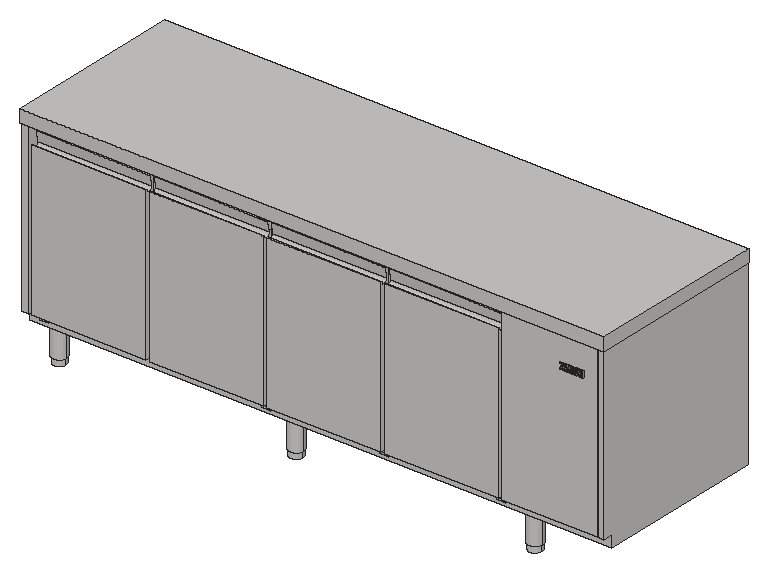
Revit family "QF_ZANUSSI_111056_ZH4HDAAAA", category Specialty Equipment, Revit 2018 (continued)
Definition of nested family "ZAN_Cooling Unit"
  Lines and regions (mm)
    Split face 128
      outline origin (55.016, 2, -281.14) x (0, 0, 1) y (-1, 0, 0)
        loop
          arc (502.647, 116.535) -> (506.648, 112.533) -> (510.649, 116.535) r 4.001
          line (510.649, 116.535) -> (510.649, 158.547)
    Split face 129
      outline origin (55.016, 2, -293.144) x (0, 0, 1) y (-1, 0, 0)
        loop
          arc (510.649, 158.547) -> (506.648, 162.548) -> (502.647, 158.547) r 4.001
          line (502.647, 158.547) -> (502.647, 116.535)
          arc (502.647, 116.535) -> (506.648, 112.533) -> (510.649, 116.535) r 4.001
          line (510.649, 116.535) -> (510.649, 158.547)
    Split face 130
      outline origin (110.032, 2, -113.091) x (0, 0, 1) y (-1, 0, 0)
        loop
          arc (510.649, 158.547) -> (506.648, 162.548) -> (502.647, 158.547) r 4.001
          line (502.647, 158.547) -> (502.647, 116.535)
          arc (502.647, 116.535) -> (506.648, 112.533) -> (510.649, 116.535) r 4.001
          line (510.649, 116.535) -> (510.649, 158.547)
    Split face 131
      outline origin (110.032, 2, -125.094) x (0, 0, 1) y (-1, 0, 0)
        loop
          arc (510.649, 158.547) -> (506.648, 162.548) -> (502.647, 158.547) r 4.001
          line (502.647, 158.547) -> (502.647, 116.535)
          arc (502.647, 116.535) -> (506.648, 112.533) -> (510.649, 116.535) r 4.001
          line (510.649, 116.535) -> (510.649, 158.547)
    Split face 132
      outline origin (110.032, 2, -137.098) x (0, 0, 1) y (-1, 0, 0)
        loop
          arc (510.649, 158.547) -> (506.648, 162.548) -> (502.647, 158.547) r 4.001
          line (502.647, 158.547) -> (502.647, 116.535)
          arc (502.647, 116.535) -> (506.648, 112.533) -> (510.649, 116.535) r 4.001
          line (510.649, 116.535) -> (510.649, 158.547)
    Split face 133
      outline origin (110.032, 2, -149.101) x (0, 0, 1) y (-1, 0, 0)
        loop
          arc (510.649, 158.547) -> (506.648, 162.548) -> (502.647, 158.547) r 4.001
          line (502.647, 158.547) -> (502.647, 116.535)
          arc (502.647, 116.535) -> (506.648, 112.533) -> (510.649, 116.535) r 4.001
          line (510.649, 116.535) -> (510.649, 158.547)
    Split face 134
      outline origin (110.032, 2, -161.105) x (0, 0, 1) y (-1, 0, 0)
        loop
          arc (510.649, 158.547) -> (506.648, 162.548) -> (502.647, 158.547) r 4.001
          line (502.647, 158.547) -> (502.647, 116.535)
          arc (502.647, 116.535) -> (506.648, 112.533) -> (510.649, 116.535) r 4.001
          line (510.649, 116.535) -> (510.649, 158.547)
    Split face 135
      outline origin (110.032, 2, -173.108) x (0, 0, 1) y (-1, 0, 0)
        loop
          arc (510.649, 158.547) -> (506.648, 162.548) -> (502.647, 158.547) r 4.001
          line (502.647, 158.547) -> (502.647, 116.535)
          arc (502.647, 116.535) -> (506.648, 112.533) -> (510.649, 116.535) r 4.001
          line (510.649, 116.535) -> (510.649, 158.547)
    Split face 136
      outline origin (110.032, 2, -185.112) x (0, 0, 1) y (-1, 0, 0)
        loop
          arc (510.649, 158.547) -> (506.648, 162.548) -> (502.647, 158.547) r 4.001
          line (502.647, 158.547) -> (502.647, 116.535)
          arc (502.647, 116.535) -> (506.648, 112.533) -> (510.649, 116.535) r 4.001
          line (510.649, 116.535) -> (510.649, 158.547)
    Split face 137
      outline origin (110.032, 2, -197.115) x (0, 0, 1) y (-1, 0, 0)
        loop
          arc (510.649, 158.547) -> (506.648, 162.548) -> (502.647, 158.547) r 4.001
          line (502.647, 158.547) -> (502.647, 116.535)
          arc (502.647, 116.535) -> (506.648, 112.533) -> (510.649, 116.535) r 4.001
          line (510.649, 116.535) -> (510.649, 158.547)
    Split face 138
      outline origin (110.032, 2, -209.119) x (0, 0, 1) y (-1, 0, 0)
        loop
          arc (510.649, 158.547) -> (506.648, 162.548) -> (502.647, 158.547) r 4.001
          line (502.647, 158.547) -> (502.647, 116.535)
          arc (502.647, 116.535) -> (506.648, 112.533) -> (510.649, 116.535) r 4.001
          line (510.649, 116.535) -> (510.649, 158.547)
    Split face 139
      outline origin (110.032, 2, -221.122) x (0, 0, 1) y (-1, 0, 0)
        loop
          arc (510.649, 158.547) -> (506.648, 162.548) -> (502.647, 158.547) r 4.001
          line (502.647, 158.547) -> (502.647, 116.535)
          arc (502.647, 116.535) -> (506.648, 112.533) -> (510.649, 116.535) r 4.001
          line (510.649, 116.535) -> (510.649, 158.547)
    Split face 140
      outline origin (110.032, 2, -233.126) x (0, 0, 1) y (-1, 0, 0)
        loop
          arc (510.649, 158.547) -> (506.648, 162.548) -> (502.647, 158.547) r 4.001
          line (502.647, 158.547) -> (502.647, 116.535)
          arc (502.647, 116.535) -> (506.648, 112.533) -> (510.649, 116.535) r 4.001
          line (510.649, 116.535) -> (510.649, 158.547)
    Split face 141
      outline origin (110.032, 2, -245.129) x (0, 0, 1) y (-1, 0, 0)
        loop
          arc (510.649, 158.547) -> (506.648, 162.548) -> (502.647, 158.547) r 4.001
          line (502.647, 158.547) -> (502.647, 116.535)
          arc (502.647, 116.535) -> (506.648, 112.533) -> (510.649, 116.535) r 4.001
          line (510.649, 116.535) -> (510.649, 158.547)
    Split face 142
      outline origin (110.032, 2, -257.133) x (0, 0, 1) y (-1, 0, 0)
        loop
          arc (510.649, 158.547) -> (506.648, 162.548) -> (502.647, 158.547) r 4.001
          line (502.647, 158.547) -> (502.647, 116.535)
          arc (502.647, 116.535) -> (506.648, 112.533) -> (510.649, 116.535) r 4.001
          line (510.649, 116.535) -> (510.649, 158.547)
    Split face 143
      outline origin (110.032, 2, -269.136) x (0, 0, 1) y (-1, 0, 0)
        loop
          arc (510.649, 158.547) -> (506.648, 162.548) -> (502.647, 158.547) r 4.001
          line (502.647, 158.547) -> (502.647, 116.535)
          arc (502.647, 116.535) -> (506.648, 112.533) -> (510.649, 116.535) r 4.001
          line (510.649, 116.535) -> (510.649, 158.547)
    Split face 144
      outline origin (110.032, 2, -281.14) x (0, 0, 1) y (-1, 0, 0)
        loop
          arc (510.649, 158.547) -> (506.648, 162.548) -> (502.647, 158.547) r 4.001
          line (502.647, 158.547) -> (502.647, 116.535)
          arc (502.647, 116.535) -> (506.648, 112.533) -> (510.649, 116.535) r 4.001
          line (510.649, 116.535) -> (510.649, 158.547)
    Split face 145
      outline origin (110.032, 2, -293.144) x (0, 0, 1) y (-1, 0, 0)
        loop
          arc (510.649, 158.547) -> (506.648, 162.548) -> (502.647, 158.547) r 4.001
          line (502.647, 158.547) -> (502.647, 116.535)
          arc (502.647, 116.535) -> (506.648, 112.533) -> (510.649, 116.535) r 4.001
          line (510.649, 116.535) -> (510.649, 158.547)
    Split face 146
      outline origin (165.048, 2, -113.091) x (0, 0, 1) y (-1, 0, 0)
        loop
          arc (510.649, 158.547) -> (506.648, 162.548) -> (502.647, 158.547) r 4.001
          line (502.647, 158.547) -> (502.647, 116.535)
          arc (502.647, 116.535) -> (506.648, 112.533) -> (510.649, 116.535) r 4.001
          line (510.649, 116.535) -> (510.649, 158.547)
    Split face 147
      outline origin (165.048, 2, -125.094) x (0, 0, 1) y (-1, 0, 0)
        loop
          arc (510.649, 158.547) -> (506.648, 162.548) -> (502.647, 158.547) r 4.001
          line (502.647, 158.547) -> (502.647, 116.535)
          arc (502.647, 116.535) -> (506.648, 112.533) -> (510.649, 116.535) r 4.001
          line (510.649, 116.535) -> (510.649, 158.547)
    Split face 148
      outline origin (165.048, 2, -137.098) x (0, 0, 1) y (-1, 0, 0)
        loop
          arc (510.649, 158.547) -> (506.648, 162.548) -> (502.647, 158.547) r 4.001
          line (502.647, 158.547) -> (502.647, 116.535)
          arc (502.647, 116.535) -> (506.648, 112.533) -> (510.649, 116.535) r 4.001
          line (510.649, 116.535) -> (510.649, 158.547)
    Split face 149
      outline origin (165.048, 2, -149.101) x (0, 0, 1) y (-1, 0, 0)
        loop
          arc (510.649, 158.547) -> (506.648, 162.548) -> (502.647, 158.547) r 4.001
          line (502.647, 158.547) -> (502.647, 116.535)
          arc (502.647, 116.535) -> (506.648, 112.533) -> (510.649, 116.535) r 4.001
          line (510.649, 116.535) -> (510.649, 158.547)
    Split face 150
      outline origin (165.048, 2, -161.105) x (0, 0, 1) y (-1, 0, 0)
        loop
          arc (510.649, 158.547) -> (506.648, 162.548) -> (502.647, 158.547) r 4.001
          line (502.647, 158.547) -> (502.647, 116.535)
          arc (502.647, 116.535) -> (506.648, 112.533) -> (510.649, 116.535) r 4.001
          line (510.649, 116.535) -> (510.649, 158.547)
    Split face 151
      outline origin (165.048, 2, -173.108) x (0, 0, 1) y (-1, 0, 0)
        loop
          arc (510.649, 158.547) -> (506.648, 162.548) -> (502.647, 158.547) r 4.001
          line (502.647, 158.547) -> (502.647, 116.535)
          arc (502.647, 116.535) -> (506.648, 112.533) -> (510.649, 116.535) r 4.001
          line (510.649, 116.535) -> (510.649, 158.547)
    Split face 152
      outline origin (165.048, 2, -185.112) x (0, 0, 1) y (-1, 0, 0)
        loop
          arc (510.649, 158.547) -> (506.648, 162.548) -> (502.647, 158.547) r 4.001
          line (502.647, 158.547) -> (502.647, 116.535)
          arc (502.647, 116.535) -> (506.648, 112.533) -> (510.649, 116.535) r 4.001
          line (510.649, 116.535) -> (510.649, 158.547)
    Split face 153
      outline origin (165.048, 2, -197.115) x (0, 0, 1) y (-1, 0, 0)
        loop
          arc (510.649, 158.547) -> (506.648, 162.548) -> (502.647, 158.547) r 4.001
          line (502.647, 158.547) -> (502.647, 116.535)
          arc (502.647, 116.535) -> (506.648, 112.533) -> (510.649, 116.535) r 4.001
          line (510.649, 116.535) -> (510.649, 158.547)
    Split face 154
      outline origin (165.048, 2, -209.119) x (0, 0, 1) y (-1, 0, 0)
        loop
          arc (510.649, 158.547) -> (506.648, 162.548) -> (502.647, 158.547) r 4.001
          line (502.647, 158.547) -> (502.647, 116.535)
          arc (502.647, 116.535) -> (506.648, 112.533) -> (510.649, 116.535) r 4.001
          line (510.649, 116.535) -> (510.649, 158.547)
    Split face 155
      outline origin (165.048, 2, -221.122) x (0, 0, 1) y (-1, 0, 0)
        loop
          arc (510.649, 158.547) -> (506.648, 162.548) -> (502.647, 158.547) r 4.001
          line (502.647, 158.547) -> (502.647, 116.535)
          arc (502.647, 116.535) -> (506.648, 112.533) -> (510.649, 116.535) r 4.001
          line (510.649, 116.535) -> (510.649, 158.547)
    Split face 156
      outline origin (165.048, 2, -233.126) x (0, 0, 1) y (-1, 0, 0)
        loop
          arc (510.649, 158.547) -> (506.648, 162.548) -> (502.647, 158.547) r 4.001
          line (502.647, 158.547) -> (502.647, 116.535)
          arc (502.647, 116.535) -> (506.648, 112.533) -> (510.649, 116.535) r 4.001
          line (510.649, 116.535) -> (510.649, 158.547)
    Split face 157
      outline origin (165.048, 2, -245.129) x (0, 0, 1) y (-1, 0, 0)
        loop
          arc (510.649, 158.547) -> (506.648, 162.548) -> (502.647, 158.547) r 4.001
          line (502.647, 158.547) -> (502.647, 116.535)
          arc (502.647, 116.535) -> (506.648, 112.533) -> (510.649, 116.535) r 4.001
          line (510.649, 116.535) -> (510.649, 158.547)
    Split face 158
      outline origin (165.048, 2, -257.133) x (0, 0, 1) y (-1, 0, 0)
        loop
          arc (510.649, 158.547) -> (506.648, 162.548) -> (502.647, 158.547) r 4.001
          line (502.647, 158.547) -> (502.647, 116.535)
          arc (502.647, 116.535) -> (506.648, 112.533) -> (510.649, 116.535) r 4.001
          line (510.649, 116.535) -> (510.649, 158.547)
    Split face 159
      outline origin (165.048, 2, -269.136) x (0, 0, 1) y (-1, 0, 0)
        loop
          arc (510.649, 158.547) -> (506.648, 162.548) -> (502.647, 158.547) r 4.001
          line (502.647, 158.547) -> (502.647, 116.535)
          arc (502.647, 116.535) -> (506.648, 112.533) -> (510.649, 116.535) r 4.001
          line (510.649, 116.535) -> (510.649, 158.547)
    Split face 160
      outline origin (165.048, 2, -281.14) x (0, 0, 1) y (-1, 0, 0)
        loop
          arc (510.649, 158.547) -> (506.648, 162.548) -> (502.647, 158.547) r 4.001
          line (502.647, 158.547) -> (502.647, 116.535)
          arc (502.647, 116.535) -> (506.648, 112.533) -> (510.649, 116.535) r 4.001
          line (510.649, 116.535) -> (510.649, 158.547)
    Split face 161
      outline origin (165.048, 2, -293.144) x (0, 0, 1) y (-1, 0, 0)
        loop
          arc (510.649, 158.547) -> (506.648, 162.548) -> (502.647, 158.547) r 4.001
          line (502.647, 158.547) -> (502.647, 116.535)
          arc (502.647, 116.535) -> (506.648, 112.533) -> (510.649, 116.535) r 4.001
          line (510.649, 116.535) -> (510.649, 158.547)
    Split face 162
      outline origin (220.064, 2, -113.091) x (0, 0, 1) y (-1, 0, 0)
        loop
          arc (510.649, 158.547) -> (506.648, 162.548) -> (502.647, 158.547) r 4.001
          line (502.647, 158.547) -> (502.647, 116.535)
          arc (502.647, 116.535) -> (506.648, 112.533) -> (510.649, 116.535) r 4.001
          line (510.649, 116.535) -> (510.649, 158.547)
    Split face 163
      outline origin (220.064, 2, -125.094) x (0, 0, 1) y (-1, 0, 0)
        loop
          arc (510.649, 158.547) -> (506.648, 162.548) -> (502.647, 158.547) r 4.001
          line (502.647, 158.547) -> (502.647, 116.535)
          arc (502.647, 116.535) -> (506.648, 112.533) -> (510.649, 116.535) r 4.001
          line (510.649, 116.535) -> (510.649, 158.547)
    Split face 164
      outline origin (220.064, 2, -137.098) x (0, 0, 1) y (-1, 0, 0)
        loop
          arc (510.649, 158.547) -> (506.648, 162.548) -> (502.647, 158.547) r 4.001
          line (502.647, 158.547) -> (502.647, 116.535)
          arc (502.647, 116.535) -> (506.648, 112.533) -> (510.649, 116.535) r 4.001
          line (510.649, 116.535) -> (510.649, 158.547)
    Split face 165
      outline origin (220.064, 2, -149.101) x (0, 0, 1) y (-1, 0, 0)
        loop
          arc (510.649, 158.547) -> (506.648, 162.548) -> (502.647, 158.547) r 4.001
          line (502.647, 158.547) -> (502.647, 116.535)
          arc (502.647, 116.535) -> (506.648, 112.533) -> (510.649, 116.535) r 4.001
          line (510.649, 116.535) -> (510.649, 158.547)
    Split face 166
      outline origin (220.064, 2, -161.105) x (0, 0, 1) y (-1, 0, 0)
        loop
          arc (510.649, 158.547) -> (506.648, 162.548) -> (502.647, 158.547) r 4.001
          line (502.647, 158.547) -> (502.647, 116.535)
          arc (502.647, 116.535) -> (506.648, 112.533) -> (510.649, 116.535) r 4.001
          line (510.649, 116.535) -> (510.649, 158.547)
    Split face 167
      outline origin (220.064, 2, -173.108) x (0, 0, 1) y (-1, 0, 0)
        loop
          arc (510.649, 158.547) -> (506.648, 162.548) -> (502.647, 158.547) r 4.001
          line (502.647, 158.547) -> (502.647, 116.535)
          arc (502.647, 116.535) -> (506.648, 112.533) -> (510.649, 116.535) r 4.001
          line (510.649, 116.535) -> (510.649, 158.547)
    Split face 168
      outline origin (220.064, 2, -185.112) x (0, 0, 1) y (-1, 0, 0)
        loop
          arc (510.649, 158.547) -> (506.648, 162.548) -> (502.647, 158.547) r 4.001
          line (502.647, 158.547) -> (502.647, 116.535)
          arc (502.647, 116.535) -> (506.648, 112.533) -> (510.649, 116.535) r 4.001
          line (510.649, 116.535) -> (510.649, 158.547)
    Split face 169
      outline origin (220.064, 2, -197.115) x (0, 0, 1) y (-1, 0, 0)
        loop
          arc (510.649, 158.547) -> (506.648, 162.548) -> (502.647, 158.547) r 4.001
          line (502.647, 158.547) -> (502.647, 116.535)
          arc (502.647, 116.535) -> (506.648, 112.533) -> (510.649, 116.535) r 4.001
          line (510.649, 116.535) -> (510.649, 158.547)
    Split face 170
      outline origin (220.064, 2, -209.119) x (0, 0, 1) y (-1, 0, 0)
        loop
          arc (510.649, 158.547) -> (506.648, 162.548) -> (502.647, 158.547) r 4.001
          line (502.647, 158.547) -> (502.647, 116.535)
          arc (502.647, 116.535) -> (506.648, 112.533) -> (510.649, 116.535) r 4.001
          line (510.649, 116.535) -> (510.649, 158.547)
    Split face 171
      outline origin (220.064, 2, -221.122) x (0, 0, 1) y (-1, 0, 0)
        loop
          arc (510.649, 158.547) -> (506.648, 162.548) -> (502.647, 158.547) r 4.001
          line (502.647, 158.547) -> (502.647, 116.535)
          arc (502.647, 116.535) -> (506.648, 112.533) -> (510.649, 116.535) r 4.001
          line (510.649, 116.535) -> (510.649, 158.547)
    Split face 172
      outline origin (220.064, 2, -233.126) x (0, 0, 1) y (-1, 0, 0)
        loop
          arc (510.649, 158.547) -> (506.648, 162.548) -> (502.647, 158.547) r 4.001
          line (502.647, 158.547) -> (502.647, 116.535)
          arc (502.647, 116.535) -> (506.648, 112.533) -> (510.649, 116.535) r 4.001
          line (510.649, 116.535) -> (510.649, 158.547)
    Split face 173
      outline origin (220.064, 2, -245.129) x (0, 0, 1) y (-1, 0, 0)
        loop
          arc (510.649, 158.547) -> (506.648, 162.548) -> (502.647, 158.547) r 4.001
          line (502.647, 158.547) -> (502.647, 116.535)
          arc (502.647, 116.535) -> (506.648, 112.533) -> (510.649, 116.535) r 4.001
          line (510.649, 116.535) -> (510.649, 158.547)
    Split face 174
      outline origin (220.064, 2, -257.133) x (0, 0, 1) y (-1, 0, 0)
        loop
          arc (510.649, 158.547) -> (506.648, 162.548) -> (502.647, 158.547) r 4.001
          line (502.647, 158.547) -> (502.647, 116.535)
          arc (502.647, 116.535) -> (506.648, 112.533) -> (510.649, 116.535) r 4.001
          line (510.649, 116.535) -> (510.649, 158.547)
    Split face 175
      outline origin (220.064, 2, -269.136) x (0, 0, 1) y (-1, 0, 0)
        loop
          arc (510.649, 158.547) -> (506.648, 162.548) -> (502.647, 158.547) r 4.001
          line (502.647, 158.547) -> (502.647, 116.535)
          arc (502.647, 116.535) -> (506.648, 112.533) -> (510.649, 116.535) r 4.001
          line (510.649, 116.535) -> (510.649, 158.547)
    Split face 176
      outline origin (220.064, 2, -281.14) x (0, 0, 1) y (-1, 0, 0)
        loop
          arc (510.649, 158.547) -> (506.648, 162.548) -> (502.647, 158.547) r 4.001
          line (502.647, 158.547) -> (502.647, 116.535)
          arc (502.647, 116.535) -> (506.648, 112.533) -> (510.649, 116.535) r 4.001
          line (510.649, 116.535) -> (510.649, 158.547)
    Split face 177
      outline origin (220.064, 2, -293.144) x (0, 0, 1) y (-1, 0, 0)
        loop
          arc (510.649, 158.547) -> (506.648, 162.548) -> (502.647, 158.547) r 4.001
          line (502.647, 158.547) -> (502.647, 116.535)
          arc (502.647, 116.535) -> (506.648, 112.533) -> (510.649, 116.535) r 4.001
          line (510.649, 116.535) -> (510.649, 158.547)
    Split face 178
      outline origin (275.081, 2, -113.091) x (0, 0, 1) y (-1, 0, 0)
        loop
          arc (510.649, 158.547) -> (506.648, 162.548) -> (502.647, 158.547) r 4.001
          line (502.647, 158.547) -> (502.647, 116.535)
          arc (502.647, 116.535) -> (506.648, 112.533) -> (510.649, 116.535) r 4.001
          line (510.649, 116.535) -> (510.649, 158.547)
    Split face 179
      outline origin (275.081, 2, -125.094) x (0, 0, 1) y (-1, 0, 0)
        loop
          arc (510.649, 158.547) -> (506.648, 162.548) -> (502.647, 158.547) r 4.001
          line (502.647, 158.547) -> (502.647, 116.535)
          arc (502.647, 116.535) -> (506.648, 112.533) -> (510.649, 116.535) r 4.001
          line (510.649, 116.535) -> (510.649, 158.547)
    Split face 180
      outline origin (275.081, 2, -137.098) x (0, 0, 1) y (-1, 0, 0)
        loop
          arc (510.649, 158.547) -> (506.648, 162.548) -> (502.647, 158.547) r 4.001
          line (502.647, 158.547) -> (502.647, 116.535)
          arc (502.647, 116.535) -> (506.648, 112.533) -> (510.649, 116.535) r 4.001
          line (510.649, 116.535) -> (510.649, 158.547)
    Split face 181
      outline origin (275.081, 2, -149.101) x (0, 0, 1) y (-1, 0, 0)
        loop
          arc (510.649, 158.547) -> (506.648, 162.548) -> (502.647, 158.547) r 4.001
          line (502.647, 158.547) -> (502.647, 116.535)
          arc (502.647, 116.535) -> (506.648, 112.533) -> (510.649, 116.535) r 4.001
          line (510.649, 116.535) -> (510.649, 158.547)
    Split face 182
      outline origin (275.081, 2, -161.105) x (0, 0, 1) y (-1, 0, 0)
        loop
          arc (510.649, 158.547) -> (506.648, 162.548) -> (502.647, 158.547) r 4.001
          line (502.647, 158.547) -> (502.647, 116.535)
          arc (502.647, 116.535) -> (506.648, 112.533) -> (510.649, 116.535) r 4.001
          line (510.649, 116.535) -> (510.649, 158.547)
    Split face 183
      outline origin (275.081, 2, -173.108) x (0, 0, 1) y (-1, 0, 0)
        loop
          arc (510.649, 158.547) -> (506.648, 162.548) -> (502.647, 158.547) r 4.001
          line (502.647, 158.547) -> (502.647, 116.535)
          arc (502.647, 116.535) -> (506.648, 112.533) -> (510.649, 116.535) r 4.001
          line (510.649, 116.535) -> (510.649, 158.547)
    Split face 184
      outline origin (275.081, 2, -185.112) x (0, 0, 1) y (-1, 0, 0)
        loop
          arc (510.649, 158.547) -> (506.648, 162.548) -> (502.647, 158.547) r 4.001
          line (502.647, 158.547) -> (502.647, 116.535)
          arc (502.647, 116.535) -> (506.648, 112.533) -> (510.649, 116.535) r 4.001
          line (510.649, 116.535) -> (510.649, 158.547)
    Split face 185
      outline origin (275.081, 2, -197.115) x (0, 0, 1) y (-1, 0, 0)
        loop
          arc (510.649, 158.547) -> (506.648, 162.548) -> (502.647, 158.547) r 4.001
          line (502.647, 158.547) -> (502.647, 116.535)
          arc (502.647, 116.535) -> (506.648, 112.533) -> (510.649, 116.535) r 4.001
          line (510.649, 116.535) -> (510.649, 158.547)
    Split face 186
      outline origin (275.081, 2, -209.119) x (0, 0, 1) y (-1, 0, 0)
        loop
          arc (510.649, 158.547) -> (506.648, 162.548) -> (502.647, 158.547) r 4.001
          line (502.647, 158.547) -> (502.647, 116.535)
          arc (502.647, 116.535) -> (506.648, 112.533) -> (510.649, 116.535) r 4.001
          line (510.649, 116.535) -> (510.649, 158.547)
    Split face 187
      outline origin (275.081, 2, -221.122) x (0, 0, 1) y (-1, 0, 0)
        loop
          arc (510.649, 158.547) -> (506.648, 162.548) -> (502.647, 158.547) r 4.001
          line (502.647, 158.547) -> (502.647, 116.535)
          arc (502.647, 116.535) -> (506.648, 112.533) -> (510.649, 116.535) r 4.001
          line (510.649, 116.535) -> (510.649, 158.547)
    Split face 188
      outline origin (275.081, 2, -233.126) x (0, 0, 1) y (-1, 0, 0)
        loop
          arc (510.649, 158.547) -> (506.648, 162.548) -> (502.647, 158.547) r 4.001
          line (502.647, 158.547) -> (502.647, 116.535)
          arc (502.647, 116.535) -> (506.648, 112.533) -> (510.649, 116.535) r 4.001
          line (510.649, 116.535) -> (510.649, 158.547)
    Split face 189
      outline origin (275.081, 2, -245.129) x (0, 0, 1) y (-1, 0, 0)
        loop
          arc (510.649, 158.547) -> (506.648, 162.548) -> (502.647, 158.547) r 4.001
          line (502.647, 158.547) -> (502.647, 116.535)
          arc (502.647, 116.535) -> (506.648, 112.533) -> (510.649, 116.535) r 4.001
          line (510.649, 116.535) -> (510.649, 158.547)
    Split face 190
      outline origin (275.081, 2, -257.133) x (0, 0, 1) y (-1, 0, 0)
        loop
          arc (510.649, 158.547) -> (506.648, 162.548) -> (502.647, 158.547) r 4.001
          line (502.647, 158.547) -> (502.647, 116.535)
          arc (502.647, 116.535) -> (506.648, 112.533) -> (510.649, 116.535) r 4.001
          line (510.649, 116.535) -> (510.649, 158.547)
    Split face 191
      outline origin (275.081, 2, -269.136) x (0, 0, 1) y (-1, 0, 0)
        loop
          arc (510.649, 158.547) -> (506.648, 162.548) -> (502.647, 158.547) r 4.001
          line (502.647, 158.547) -> (502.647, 116.535)
          arc (502.647, 116.535) -> (506.648, 112.533) -> (510.649, 116.535) r 4.001
          line (510.649, 116.535) -> (510.649, 158.547)
    Split face 192
      outline origin (275.081, 2, -281.14) x (0, 0, 1) y (-1, 0, 0)
        loop
          arc (510.649, 158.547) -> (506.648, 162.548) -> (502.647, 158.547) r 4.001
          line (502.647, 158.547) -> (502.647, 116.535)
          arc (502.647, 116.535) -> (506.648, 112.533) -> (510.649, 116.535) r 4.001
          line (510.649, 116.535) -> (510.649, 158.547)
    Split face 193
      outline origin (275.081, 2, -293.144) x (0, 0, 1) y (-1, 0, 0)
        loop
          arc (510.649, 158.547) -> (506.648, 162.548) -> (502.647, 158.547) r 4.001
          line (502.647, 158.547) -> (502.647, 116.535)
          arc (502.647, 116.535) -> (506.648, 112.533) -> (510.649, 116.535) r 4.001
          line (510.649, 116.535) -> (510.649, 158.547)
    Split face 194
      outline origin (0, 2, 197) x (0, 0, 1) y (-1, 0, 0)
        loop
          spline (566.835, 20.381) -> (564.628, 19.058) -> (561.987, 18.027) -> (558.955, 17.386) -> (555.581, 17.244) -> (551.912, 17.703) -> (547.993, 18.863) -> (543.871, 20.83) -> (539.591, 23.706) -> (535.202, 27.594) -> (530.748, 32.597) -> (526.28, 38.824) -> (521.835, 46.362)
        loop
          spline (521.835, 58.392) -> (525.386, 49.242) -> (529.197, 41.481) -> (533.2, 35.023) -> (537.329, 29.786) -> (541.516, 25.684) -> (545.695, 22.634) -> (549.798, 20.552) -> (553.759, 19.355) -> (557.511, 18.958) -> (560.984, 19.275) -> (564.115, 20.227) -> (566.835, 21.726)
    Split face 195
      outline origin (0, 2, 197) x (0, 0, 1) y (-1, 0, 0)
        loop
          line (555.835, 149.5) -> (532.835, 149.5) -> (532.835, 94.5) -> (555.835, 94.5) -> (555.835, 149.5)
  Dimensions and locks
    aligned and locked: level to plane 2
  Nested families
    nested 1: "ZAN_Logo_S_Grey" at (85, 2, 741.213) x (1, 0, 0) z (0, -1, 0), visible <- "Show Logo", type "ZAN_Logo_S_Grey"
  Definition of nested family "ZAN_Logo_S_Grey"
    Parameters
      Default Elevation = 0 mm
    Reference planes
      plane 1 "Centro (Fronte/Retro)": y = 0
      plane 2: z = 0
      plane 3 "Centro (Sinistra/Destra)": x = 0
    Forms (mm)
      Extrusion 1, solid
        sketch origin (0, 0, 0) x (1, 0, 0) y (0, 1, 0)
          loop
            line (-1219.2, 1219.2) -> (-1219.2, -1219.2) -> (1219.2, -1219.2) -> (1219.2, 1219.2) -> (-1219.2, 1219.2)
        from 0 to -304.8
      Extrusion 2, solid
        sketch origin (17.793, -46.218, 0) x (-1, 0, 0) y (0, -1, 0)
          loop
            spline (-4.176, -58.079) -> (-3.496, -58.328) -> (-2.793, -58.512) -> (-2.075, -58.63) -> (-1.348, -58.682) -> (-0.619, -58.669) -> (0.106, -58.588) -> (0.818, -58.44) -> (1.512, -58.225) -> (2.18, -57.941) -> (2.817, -57.589) -> (3.414, -57.167) -> (3.966, -56.676)
            spline (3.966, -56.676) -> (4.293, -56.162) -> (4.575, -55.61) -> (4.81, -55.026) -> (5, -54.419) -> (5.146, -53.797) -> (5.247, -53.166) -> (5.304, -52.536) -> (5.318, -51.913) -> (5.288, -51.306) -> (5.217, -50.723) -> (5.103, -50.17) -> (4.949, -49.657)
            line (4.949, -49.657) -> (2.702, -46.428) -> (0.316, -44.323)
            spline (0.316, -44.323) -> (0.065, -44.115) -> (-0.195, -43.909) -> (-0.46, -43.704) -> (-0.729, -43.496) -> (-0.997, -43.282) -> (-1.263, -43.059) -> (-1.523, -42.825) -> (-1.774, -42.576) -> (-2.013, -42.309) -> (-2.238, -42.022) -> (-2.445, -41.712) -> (-2.632, -41.375)
            spline (-2.632, -41.375) -> (-2.666, -41.159) -> (-2.697, -40.934) -> (-2.722, -40.701) -> (-2.736, -40.465) -> (-2.736, -40.227) -> (-2.72, -39.989) -> (-2.682, -39.754) -> (-2.621, -39.524) -> (-2.533, -39.302) -> (-2.414, -39.091) -> (-2.261, -38.892) -> (-2.07, -38.708)
            line (-2.07, -38.708) -> (-0.245, -38.567)
            spline (-0.245, -38.567) -> (0.096, -38.8) -> (0.354, -39.074) -> (0.54, -39.381) -> (0.664, -39.716) -> (0.738, -40.073) -> (0.772, -40.445) -> (0.777, -40.825) -> (0.763, -41.208) -> (0.742, -41.588) -> (0.723, -41.957) -> (0.718, -42.309) -> (0.737, -42.638)
            line (0.737, -42.638) -> (5.65, -42.638)
            spline (5.65, -42.638) -> (5.708, -42.042) -> (5.741, -41.448) -> (5.747, -40.857) -> (5.723, -40.273) -> (5.668, -39.696) -> (5.58, -39.129) -> (5.457, -38.574) -> (5.297, -38.032) -> (5.098, -37.506) -> (4.857, -36.997) -> (4.574, -36.508) -> (4.247, -36.041)
            spline (4.247, -36.041) -> (3.844, -35.675) -> (3.409, -35.35) -> (2.946, -35.065) -> (2.458, -34.819) -> (1.949, -34.612) -> (1.421, -34.444) -> (0.88, -34.314) -> (0.326, -34.221) -> (-0.234, -34.165) -> (-0.8, -34.146) -> (-1.366, -34.163) -> (-1.93, -34.216)
            spline (-1.93, -34.216) -> (-2.526, -34.309) -> (-3.116, -34.448) -> (-3.695, -34.633) -> (-4.259, -34.861) -> (-4.801, -35.131) -> (-5.316, -35.444) -> (-5.799, -35.798) -> (-6.245, -36.191) -> (-6.648, -36.624) -> (-7.002, -37.095) -> (-7.303, -37.603) -> (-7.545, -38.146)
            spline (-7.545, -38.146) -> (-7.694, -38.815) -> (-7.792, -39.487) -> (-7.839, -40.158) -> (-7.836, -40.824) -> (-7.785, -41.482) -> (-7.685, -42.129) -> (-7.539, -42.762) -> (-7.347, -43.377) -> (-7.111, -43.97) -> (-6.83, -44.538) -> (-6.506, -45.078) -> (-6.141, -45.586)
            line (-6.141, -45.586) -> (-0.526, -50.64) -> (0.176, -51.482)
            spline (0.176, -51.482) -> (0.248, -51.66) -> (0.323, -51.843) -> (0.397, -52.03) -> (0.467, -52.22) -> (0.529, -52.412) -> (0.579, -52.605) -> (0.615, -52.798) -> (0.633, -52.989) -> (0.63, -53.179) -> (0.601, -53.366) -> (0.545, -53.55) -> (0.456, -53.728)
            spline (0.456, -53.728) -> (0.375, -53.892) -> (0.273, -54.034) -> (0.154, -54.155) -> (0.02, -54.258) -> (-0.126, -54.343) -> (-0.28, -54.412) -> (-0.441, -54.466) -> (-0.604, -54.508) -> (-0.767, -54.537) -> (-0.928, -54.556) -> (-1.082, -54.567) -> (-1.228, -54.57)
            line (-1.228, -54.57) -> (-2.632, -53.587) -> (-2.772, -50.64) -> (-7.405, -50.64)
            spline (-7.405, -50.64) -> (-7.41, -51.031) -> (-7.423, -51.432) -> (-7.44, -51.839) -> (-7.456, -52.251) -> (-7.469, -52.665) -> (-7.475, -53.079) -> (-7.468, -53.489) -> (-7.446, -53.894) -> (-7.404, -54.291) -> (-7.339, -54.679) -> (-7.247, -55.053) -> (-7.123, -55.412)
            spline (-7.123, -55.412) -> (-6.999, -55.693) -> (-6.837, -55.97) -> (-6.643, -56.244) -> (-6.422, -56.509) -> (-6.177, -56.765) -> (-5.913, -57.009) -> (-5.634, -57.238) -> (-5.346, -57.45) -> (-5.051, -57.643) -> (-4.755, -57.814) -> (-4.462, -57.96) -> (-4.176, -58.079)
          loop
            spline (-21.021, -55.552) -> (-20.633, -56.181) -> (-20.177, -56.736) -> (-19.661, -57.217) -> (-19.092, -57.627) -> (-18.478, -57.966) -> (-17.827, -58.237) -> (-17.147, -58.441) -> (-16.446, -58.578) -> (-15.73, -58.652) -> (-15.009, -58.662) -> (-14.29, -58.611) -> (-13.581, -58.5)
            spline (-13.581, -58.5) -> (-13.088, -58.407) -> (-12.595, -58.269) -> (-12.109, -58.088) -> (-11.636, -57.866) -> (-11.183, -57.605) -> (-10.756, -57.307) -> (-10.361, -56.974) -> (-10.004, -56.608) -> (-9.692, -56.211) -> (-9.431, -55.784) -> (-9.228, -55.33) -> (-9.089, -54.851)
            spline (-9.089, -54.851) -> (-8.873, -54.211) -> (-8.715, -53.559) -> (-8.615, -52.901) -> (-8.574, -52.241) -> (-8.592, -51.585) -> (-8.668, -50.938) -> (-8.802, -50.306) -> (-8.995, -49.693) -> (-9.247, -49.106) -> (-9.557, -48.55) -> (-9.925, -48.03) -> (-10.352, -47.551)
            line (-10.352, -47.551) -> (-15.546, -42.919) -> (-16.669, -41.234)
            spline (-16.669, -41.234) -> (-16.704, -41.021) -> (-16.735, -40.804) -> (-16.761, -40.583) -> (-16.778, -40.361) -> (-16.784, -40.139) -> (-16.774, -39.919) -> (-16.748, -39.701) -> (-16.7, -39.488) -> (-16.63, -39.28) -> (-16.533, -39.08) -> (-16.406, -38.889) -> (-16.248, -38.708)
            line (-16.248, -38.708) -> (-14.844, -38.427)
            spline (-14.844, -38.427) -> (-14.347, -38.545) -> (-13.969, -38.749) -> (-13.695, -39.028) -> (-13.508, -39.368) -> (-13.393, -39.757) -> (-13.335, -40.182) -> (-13.318, -40.63) -> (-13.326, -41.089) -> (-13.344, -41.546) -> (-13.356, -41.988) -> (-13.347, -42.403) -> (-13.3, -42.779)
            line (-13.3, -42.779) -> (-8.387, -42.638)
            spline (-8.387, -42.638) -> (-8.326, -42.034) -> (-8.288, -41.417) -> (-8.277, -40.794) -> (-8.299, -40.169) -> (-8.357, -39.548) -> (-8.457, -38.936) -> (-8.604, -38.339) -> (-8.803, -37.762) -> (-9.058, -37.21) -> (-9.375, -36.689) -> (-9.758, -36.204) -> (-10.212, -35.76)
            spline (-10.212, -35.76) -> (-10.793, -35.336) -> (-11.409, -34.976) -> (-12.054, -34.679) -> (-12.723, -34.445) -> (-13.409, -34.273) -> (-14.107, -34.163) -> (-14.811, -34.115) -> (-15.515, -34.127) -> (-16.213, -34.2) -> (-16.899, -34.333) -> (-17.568, -34.526) -> (-18.213, -34.777)
            spline (-18.213, -34.777) -> (-18.496, -34.897) -> (-18.783, -35.044) -> (-19.071, -35.216) -> (-19.357, -35.412) -> (-19.639, -35.629) -> (-19.915, -35.865) -> (-20.182, -36.119) -> (-20.438, -36.389) -> (-20.681, -36.672) -> (-20.907, -36.967) -> (-21.115, -37.272) -> (-21.301, -37.585)
            spline (-21.301, -37.585) -> (-21.55, -38.26) -> (-21.734, -38.948) -> (-21.854, -39.647) -> (-21.91, -40.351) -> (-21.901, -41.057) -> (-21.828, -41.761) -> (-21.69, -42.459) -> (-21.489, -43.148) -> (-21.222, -43.823) -> (-20.892, -44.48) -> (-20.497, -45.116) -> (-20.038, -45.726)
            line (-20.038, -45.726) -> (-14.142, -51.061) -> (-13.44, -52.886) -> (-14.002, -54.289) -> (-15.265, -54.57) -> (-16.669, -53.587) -> (-16.81, -50.78) -> (-21.582, -50.64)
            spline (-21.582, -50.64) -> (-21.558, -51.063) -> (-21.55, -51.491) -> (-21.554, -51.92) -> (-21.561, -52.35) -> (-21.567, -52.778) -> (-21.565, -53.201) -> (-21.547, -53.619) -> (-21.509, -54.029) -> (-21.444, -54.43) -> (-21.345, -54.818) -> (-21.206, -55.193) -> (-21.021, -55.552)
          loop
            line (-22.424, -34.216) -> (-27.337, -34.216) -> (-27.337, -58.22) -> (-22.424, -58.22) -> (-22.424, -34.216)
          loop
            line (14.213, -39.971) -> (14.213, -58.22) -> (19.126, -58.22) -> (19.126, -42.077) -> (18.845, -38.146) -> (18.424, -37.164) -> (17.442, -35.9) -> (16.459, -35.199) -> (14.494, -34.356) -> (13.511, -34.216) -> (11.265, -34.216) -> (10.142, -34.497) -> (8.458, -35.479) -> (6.493, -38.287) -> (6.352, -39.269) -> (6.352, -58.22) -> (11.265, -58.22) -> (11.265, -40.392) -> (11.827, -39.129) -> (13.371, -38.988) -> (14.213, -39.971)
          loop
            line (20.249, -58.22) -> (24.741, -58.22) -> (24.741, -42.919) -> (28.812, -58.22) -> (34.006, -58.22) -> (34.006, -34.216) -> (29.654, -34.216) -> (29.654, -50.078) -> (25.583, -34.216) -> (20.249, -34.216) -> (20.249, -58.22)
          loop
            line (50.149, -58.22) -> (62.361, -58.22) -> (62.361, -53.728) -> (55.904, -53.868) -> (62.923, -39.129) -> (62.923, -34.216) -> (50.149, -34.216) -> (50.149, -39.129) -> (57.517, -39.129) -> (50.149, -54.149) -> (50.149, -58.22)
          loop
            line (38.778, -58.22) -> (45.516, -58.22) -> (49.868, -34.216) -> (44.814, -34.216) -> (44.113, -38.848) -> (40.042, -38.848) -> (39.34, -34.216) -> (34.286, -34.216) -> (38.778, -58.22)
          loop
            line (43.551, -43.2) -> (40.744, -43.2) -> (42.147, -54.117) -> (43.551, -43.2)
        from 0 to 1.644
    Dimensions and locks
      aligned and locked: plane 2 to Extrusion 1
      aligned and locked: level to Extrusion 1
Definition of nested family "Refrigerator"
  Reference planes
    plane 1 "Center (Front/Back)": y = 0
    plane 2: z = 0
    plane 3 "Center (Left/Right)": x = 0
  Lines and regions (mm)
    detail lines, in view "Ref. Level"
      curve 1: spline (-500, 190, 0) -> (-493.185, 166.706, 0) -> (-473.205, 145, 0) -> (-441.421, 126.36, 0) -> (-400, 112.058, 0) -> (-351.764, 103.067, 0) -> (-300, 100, 0) -> (-248.236, 103.067, 0) -> (-200, 112.058, 0) -> (-158.579, 126.36, 0) -> (-126.795, 145, 0) -> (-106.815, 166.706, 0) -> (-100, 190, 0) -> (-106.815, 213.294, 0) -> (-126.795, 235, 0) -> (-158.579, 253.64, 0) -> (-200, 267.942, 0) -> (-248.236, 276.933, 0) -> (-300, 280, 0) -> (-351.764, 276.933, 0) -> (-400, 267.942, 0) -> (-441.421, 253.64, 0) -> (-473.205, 235, 0) -> (-493.185, 213.294, 0) -> (-500, 190, 0)
      curve 2: line (-300, 130, 0) -> (-300, 250, 0)
      curve 3: line (-351.962, 220, 0) -> (-248.038, 160, 0)
      curve 4: line (-351.962, 160, 0) -> (-248.038, 220, 0)
      curve 5: line (-280.884, 246.873, 0) -> (-300, 225, 0)
      curve 6: line (-300, 225, 0) -> (-319.116, 246.873, 0)
      curve 7: line (-330.311, 207.5, 0) -> (-339.696, 234.992, 0)
      curve 8: line (-358.812, 201.882, 0) -> (-330.311, 207.5, 0)
      curve 9: line (-330.311, 172.5, 0) -> (-358.812, 178.118, 0)
      curve 10: line (-339.696, 145.008, 0) -> (-330.311, 172.5, 0)
      curve 11: line (-300, 155, 0) -> (-319.116, 133.127, 0)
      curve 12: line (-280.884, 133.127, 0) -> (-300, 155, 0)
      curve 13: line (-269.689, 172.5, 0) -> (-260.304, 145.008, 0)
      curve 14: line (-241.188, 178.118, 0) -> (-269.689, 172.5, 0)
      curve 15: line (-269.689, 207.5, 0) -> (-241.188, 201.882, 0)
      curve 16: line (-260.304, 234.992, 0) -> (-269.689, 207.5, 0)
